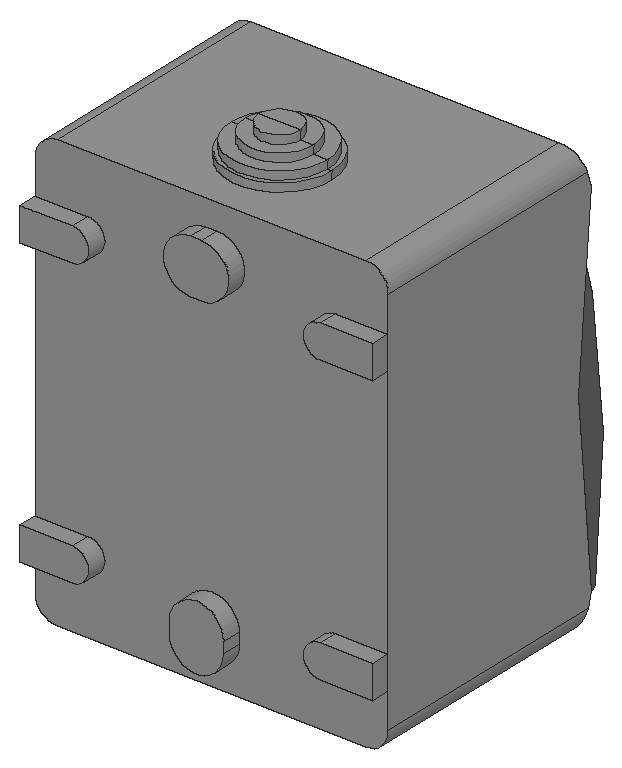
Revit family "IEK_Выключатель_ОУ_10А_1кл_Инд_IP54_FORS", category Выключатели, Revit 2019
Family settings
  Сохранять ориентацию аннотаций = Да
  Размер круглого соединителя = Использовать диаметр
  Тип детали = Переключатель
  На основе рабочей плоскости = Нет
  Всегда вертикально = Да
  При загрузке вырезать с полостями = Нет
  Общий = Нет
  Точка расчета площади = Нет
Parameters (values of type "ВС20-1-1-ФСр_Инд_Серый")
  Ширина = 65 mm  # constant formula
  Тип монтажа = "Поверхность монтажа (открытая установка)"  # constant formula
  Степень защиты = "IP54"  # constant formula
  Описание = "Электроустановочные изделия серии FORS подходят для эксплуатации в различных сферах, включая промышленные объекты, склады и производственные помещения. Благодаря степени защиты IP54 они стабильно работают в условиях повышенной влажности и запыленности. В комплекте есть подробная инструкция и необходимые аксессуары для быстрого монтажа. Электроустановочные изделия FORS — выбор профессионалов!"
  Материал крышки = RAL 9004
  Изготовитель = "IEK"  # constant formula
  Диаметр_Короб [instance] = 16 mm
  Глубина = 55 mm  # constant formula
  Высота = 92 mm  # constant formula
  ΔХ [instance] = 2000 mm
  ΔY [instance] = 2000 mm
  URL = "https://www.iek.ru/"
  ADSK_Ток [instance] = 10 A  # constant formula
  ADSK_Примечание = ""
  ADSK_Полная мощность [instance] = ADSK_Номинальная мощность / ADSK_Коэффициент мощности  # 2200 VA
  ADSK_Позиция [instance] = ""
  ADSK_Номинальная мощность [instance] = ADSK_Ток * ADSK_Напряжение * sqrt(ADSK_Количество фаз числовое) * ADSK_Коэффициент мощности  # 2200 W
  ADSK_Напряжение = 220 V
  ADSK_Наименование краткое = "ВС20-1-1-ФСр"
  ADSK_Наименование = "Выключатель 1-клавишный проходной с индикацией для открытой установки 10А IP54 ВС20-1-1-ФСр серый IEK"
  ADSK_Материал обозначение = ""
  ADSK_Материал наименование = "Пластик"  # constant formula
  ADSK_Материал = Окраска - RAL 7035
  ADSK_Масса = 0.09
  ADSK_Марка = "FORS"  # constant formula
  ADSK_Коэффициент мощности [instance] = 1  # constant formula
  ADSK_Количество фаз числовое = 1
  ADSK_Количество фаз = 1
  ADSK_Код изделия = "EVS11-K03-10-54-DC"
  ADSK_Классификация нагрузок [instance] = Прочее
  ADSK_Завод-изготовитель = Изготовитель  # "IEK"
  ADSK_Единица измерения = "шт."  # constant formula
  ADSK_Группирование = "Электроустановочные изделия низковольтные"  # constant formula
  ADSK_Версия семейства = "01.10.25"  # constant formula
  ADSK_Версия Revit = "v2019"  # constant formula
  ADSK_URL страницы изделия = "https://qr.iek.group/EVS11-K03-10-54-DC"
Types (3, lengths in mm): name | Материал крышки | ADSK_Наименование краткое | ADSK_Наименование | ADSK_Материал | ADSK_Код изделия | ADSK_URL страницы изделия
  (no name) | RAL 9004 | "ВС20-1-1-ФСр" | "Выключатель 1-клавишный проходной с индикацией для открытой установки 10А IP54 ВС20-1-1-ФСр серый IEK" | Окраска - RAL 7035 | "EVS11-K03-10-54-DC" | "https://qr.iek.group/EVS11-K03-10-54-DC"
  ВС20-1-1-ФСр_Инд_Серый | RAL 9004 | "ВС20-1-1-ФСр" | "Выключатель 1-клавишный проходной с индикацией для открытой установки 10А IP54 ВС20-1-1-ФСр серый IEK" | Окраска - RAL 7035 | "EVS11-K03-10-54-DC" | "https://qr.iek.group/EVS11-K03-10-54-DC"
  ВС20-1-1-ФБ_Инд_Белый | Окраска - Белый | "ВС20-1-1-ФБ" | "Выключатель 1-клавишный проходной с индикацией для открытой установки 10А IP54 ВС20-1-1-ФБ белый IEK" | Окраска - Белый | "EVS11-K01-10-54-DC" | "https://qr.iek.group/EVS11-K01-10-54-DC"
Reference planes
  plane 1 "По центру (Вперед/Назад)": y = 0
  plane 2: z = 0
  plane 3 "По центру (Влево/Вправо)": x = 0
  plane 4 "Высота ножек": z = 280
  plane 5 "Высота": z = 2081.496
  plane 6: x = -2000
  plane 7: y = 2000
  plane 8: z = 46
Forms (mm)
  Extrusion 1, solid, detail levels coarse
    sketch origin (5.5, 24, 0) x (1, 0, 0) y (0, 1, 0)
      loop
        line (-38, -24) -> (27, -24) -> (27, 31) -> (-38, 31) -> (-38, -24)
    from 0 to 92
  Extrusion 2, solid, material "Окраска - RAL 7035" <- "ADSK_Материал", detail levels medium
    sketch origin (-5.5, 24, 0) x (1, 0, 0) y (0, 1, 0)
      loop
        line (-27, 31) -> (-27, -24) -> (38, -24) -> (38, 31) -> (-27, 31)
    from 0 to 92
  Extrusion 3, solid, material "Окраска - RAL 7035" <- "ADSK_Материал", detail levels fine
    sketch origin (0, 0, 45.5) x (1, 0, 0) y (0, 0, -1)
      loop
        line (-32, 35.5) -> (-32, -35.45)
        arc (-32, -35.45) -> (-30.814, -38.314) -> (-27.95, -39.5) r 4.05
        line (-27.95, -39.5) -> (28, -39.5)
        arc (28, -39.5) -> (30.828, -38.328) -> (32, -35.5) r 4
        line (32, -35.5) -> (32, 35.5)
        arc (32, 35.5) -> (30.828, 38.328) -> (28, 39.5) r 4
        line (28, 39.5) -> (-28, 39.5)
        arc (-28, 39.5) -> (-30.828, 38.328) -> (-32, 35.5) r 4
    from 3.5 to 50.392
  Extrusion 4, void
    sketch origin (0, 0, 32.4) x (1, 0, 0) y (0, 0, -1)
      loop
        line (-30.2, 22.4) -> (-30.2, -48.6)
        arc (-30.2, -48.6) -> (-29.556, -50.156) -> (-28, -50.8) r 2.2
        line (-28, -50.8) -> (28, -50.8)
        arc (28, -50.8) -> (29.556, -50.156) -> (30.2, -48.6) r 2.2
        line (30.2, -48.6) -> (30.2, 22.4)
        arc (30.2, 22.4) -> (29.556, 23.956) -> (28, 24.6) r 2.2
        line (28, 24.6) -> (-28, 24.6)
        arc (-28, 24.6) -> (-29.556, 23.956) -> (-30.2, 22.4) r 2.2
    from 39.3 to 50.392
  Extrusion 5, solid, material "Окраска - RAL 7035" <- "ADSK_Материал", detail levels fine
    sketch origin (0, 0, 45.5) x (1, 0, 0) y (0, 0, -1)
      loop
        line (-32, 23) -> (-22.5, 23)
        arc (-22.5, 23) -> (-19.5, 26) -> (-22.5, 29) r 3
        line (-22.5, 29) -> (-32, 29) -> (-32, 23)
      loop
        line (32, 23) -> (32, 29) -> (22.5, 29)
        arc (22.5, 29) -> (19.5, 26) -> (22.5, 23) r 3
        line (22.5, 23) -> (32, 23)
      loop
        line (-32, -23) -> (-32, -29) -> (-22.5, -29)
        arc (-22.5, -29) -> (-19.5, -26) -> (-22.5, -23) r 3
        line (-22.5, -23) -> (-32, -23)
      loop
        line (32, -23) -> (22.5, -23)
        arc (22.5, -23) -> (19.5, -26) -> (22.5, -29) r 3
        line (22.5, -29) -> (32, -29) -> (32, -23)
      loop
        arc (1, -34.9) -> (5.9, -30) -> (1, -25.1) r 4.9
        line (1, -25.1) -> (-1, -25.1)
        arc (-1, -25.1) -> (-5.9, -30) -> (-1, -34.9) r 4.9
        line (-1, -34.9) -> (1, -34.9)
      loop
        line (-4.9, 31) -> (-4.9, 29)
        arc (-4.9, 29) -> (0, 24.1) -> (4.9, 29) r 4.9
        line (4.9, 29) -> (4.9, 31)
        arc (4.9, 31) -> (0, 35.9) -> (-4.9, 31) r 4.9
    from 0 to 3.5
  Revolve 6, solid, material "Окраска - RAL 7035" <- "ADSK_Материал", detail levels fine
    sketch origin (0, 18.905, 4617.5) x (-1, 0, 0) y (0, 0, 1)
      loop
        line (0, -4526.5) -> (0, -4532.5) -> (9.541, -4532.5) -> (9.541, -4531) -> (8.75, -4531) -> (8.75, -4529.5) -> (6.25, -4529.5) -> (6.25, -4528) -> (3.75, -4528) -> (3.75, -4526.5) -> (0, -4526.5)
      loop
        line (0, -4617.5) -> (3.75, -4617.5) -> (3.75, -4616) -> (6.25, -4616) -> (6.25, -4614.5) -> (8.75, -4614.5) -> (8.75, -4613) -> (9.541, -4613) -> (9.541, -4611.5) -> (0, -4611.5) -> (0, -4617.5)
      axis (0, -4617.5) -> (0, -4526.5)
    angle from 0 to 360
  Extrusion 7, void
    sketch origin (0, 0, 45.5) x (0, 0, -1) y (0, 1, 0)
      loop
        line (39.5, 47.287) -> (39.5, 51.998) -> (-39.5, 51.998) -> (-39.5, 47.287) -> (-33.021, 49.493)
        arc (-33.021, 49.493) -> (0.067, 46.452) -> (33.15, 49.537) r 180.205
        arc (33.15, 49.537) -> (36.341, 48.456) -> (39.5, 47.287) r 121.61
    from -32 to 32
  Extrusion 8, solid, material "RAL 9004" <- "Материал крышки", detail levels fine
    sketch origin (0, 0, -54.575) x (0, 0, -1) y (0, 1, 0)
      loop
        line (-136.6, 39.3) -> (-63.59, 39.3) -> (-63.59, 46.629) -> (-64.398, 53.299)
        arc (-64.398, 53.299) -> (-64.651, 53.912) -> (-65.264, 54.166) r 0.867
        arc (-65.264, 54.166) -> (-101.053, 55.2) -> (-135.915, 47.044) r 138.769
        arc (-135.915, 47.044) -> (-136.396, 46.68) -> (-136.6, 46.112) r 1.059
        line (-136.6, 46.112) -> (-136.6, 39.3)
    from -29 to 29
  Extrusion 9, solid, material "Стекло красное", detail levels fine
    sketch origin (-0.148, 3.59, 24.352) x (1, 0, 0) y (0, 0.207912, -0.978148)
      loop
        arc (-4.861, -30.336) -> (-7.983, -33.459) -> (-4.861, -36.581) r 3.122
        line (-4.861, -36.581) -> (5.157, -36.581)
        arc (5.157, -36.581) -> (8.28, -33.459) -> (5.157, -30.336) r 3.122
        line (5.157, -30.336) -> (-4.861, -30.336)
    from 53.998 to 55.96
Cuts and joins
  Extrusion 4, Extrusion 7 cuts Extrusion 3
Lines and regions (mm)
  reference lines
    curve 1: line (0, 44.647, 0) -> (0, -55.353, 0)
    curve 2: line (-23.829, 0, 0) -> (76.171, 0, 0)
Dimensions and locks
  locked: plane 4 "Высота ножек" to plane 2 at 280
  plane 5 "Высота" to plane 4 "Высота ножек" = 1801.496 mm
  "ΔХ": plane 6 to curve 1
  "ΔY": plane 7 to curve 2
  aligned and locked: level to plane 2
  aligned and locked: curve 2 to nested 1
  aligned and locked: nested 1 to curve 1
Automatic sketch dimensions
  plane 1 "По центру (Вперед/Назад)" to Extrusion 1 sketch curve = 0 mm
  Extrusion 1 sketch curve to plane 3 "По центру (Влево/Вправо)" = 32.5 mm
  plane 3 "По центру (Влево/Вправо)" to Extrusion 1 sketch curve = 32.5 mm
  Extrusion 1 sketch curve to Extrusion 1 sketch curve = 55 mm
  plane 1 "По центру (Вперед/Назад)" to Extrusion 2 sketch curve = 0 mm
  Extrusion 2 sketch curve to plane 3 "По центру (Влево/Вправо)" = 32.5 mm
  plane 3 "По центру (Влево/Вправо)" to Extrusion 2 sketch curve = 32.5 mm
  Extrusion 2 sketch curve to Extrusion 2 sketch curve = 55 mm
  level to Extrusion 3 sketch curve = 10 mm  (x2)
  Extrusion 3 sketch curve to plane 3 "По центру (Влево/Вправо)" = 32 mm
  Extrusion 3 sketch curve to Extrusion 3 sketch curve = 4 mm
  Extrusion 3 sketch curve to Extrusion 3 sketch curve = 4.05 mm
  plane 3 "По центру (Влево/Вправо)" to Extrusion 3 sketch curve = 28 mm  (x2)
  Extrusion 3 sketch curve to plane 8 = 34.95 mm
  level to Extrusion 4 sketch curve = 10 mm  (x2)
  Extrusion 4 sketch curve to plane 3 "По центру (Влево/Вправо)" = 30.2 mm
  Extrusion 4 sketch curve to Extrusion 4 sketch curve = 2.2 mm  (x2)
  plane 3 "По центру (Влево/Вправо)" to Extrusion 4 sketch curve = 28 mm  (x2)
  Extrusion 4 sketch curve to plane 8 = 35 mm
  Extrusion 5 sketch curve to plane 3 "По центру (Влево/Вправо)" = 0 mm
  Extrusion 5 sketch curve to plane 3 "По центру (Влево/Вправо)" = 1 mm
  Extrusion 5 sketch curve to plane 3 "По центру (Влево/Вправо)" = 4.9 mm
  Extrusion 5 sketch curve to Extrusion 5 sketch curve = 21.5 mm  (x2)
  Extrusion 5 sketch curve to Extrusion 5 sketch curve = 17.6 mm  (x2)
  Extrusion 5 sketch curve to Extrusion 5 sketch curve = 9.5 mm  (x4)
  plane 3 "По центру (Влево/Вправо)" to Extrusion 5 sketch curve = 1 mm
  Extrusion 5 sketch curve to plane 8 = 34.4 mm
  Extrusion 5 sketch curve to Extrusion 5 sketch curve = 4.9 mm
  Extrusion 5 sketch curve to Extrusion 5 sketch curve = 1 mm
  Extrusion 5 sketch curve to plane 8 = 28.5 mm
  Extrusion 5 sketch curve to Extrusion 5 sketch curve = 3 mm  (x4)
  level to Extrusion 5 sketch curve = 22.5 mm  (x2)
  level to Extrusion 5 sketch curve = 16.5 mm
  Extrusion 5 sketch curve to Extrusion 5 sketch curve = 2 mm
  Revolve 6 sketch curve to plane 3 "По центру (Влево/Вправо)" = 0 mm  (x3)
  Revolve 6 sketch curve to level = 0 mm
  Revolve 6 sketch curve to plane 3 "По центру (Влево/Вправо)" = 3.75 mm  (x2)
  level to Revolve 6 sketch curve = 1.5 mm
  Revolve 6 sketch curve to Revolve 6 sketch curve = 2.5 mm  (x4)
  Revolve 6 sketch curve to Revolve 6 sketch curve = 0.791 mm  (x2)
  Revolve 6 sketch curve to Revolve 6 sketch curve = 1.5 mm  (x6)
  Revolve 6 sketch curve to Revolve 6 sketch curve = 4.5 mm
  Revolve 6 sketch curve to plane 8 = 39 mm
  Revolve 6 sketch curve to level = 1478.5 mm
  Revolve 6 sketch curve to plane 5 "Высота" = 511.996 mm
  Extrusion 7 sketch curve to plane 8 = 39 mm
  Extrusion 7 sketch curve to Extrusion 7 sketch curve = 6.479 mm
  Extrusion 7 sketch curve to plane 8 = 3.778 mm
  plane 8 to Extrusion 7 sketch curve = 0.446 mm
  level to Extrusion 7 sketch curve = 6 mm
  plane 1 "По центру (Вперед/Назад)" to Extrusion 7 sketch curve = 66.17 mm
  Extrusion 7 sketch curve to plane 1 "По центру (Вперед/Назад)" = 47.287 mm  (x2)
  Extrusion 7 sketch curve to Extrusion 7 sketch curve = 2.206 mm
  Extrusion 7 sketch curve to Extrusion 7 sketch curve = 4.711 mm
  Extrusion 7 sketch curve to Extrusion 7 sketch curve = 174.659 mm
  Extrusion 8 sketch curve to plane 8 = 36.025 mm
  Extrusion 8 sketch curve to Extrusion 8 sketch curve = 1.058 mm
  plane 8 to Extrusion 8 sketch curve = 13.441 mm
  level to Extrusion 8 sketch curve = 10.689 mm
  Extrusion 8 sketch curve to Extrusion 8 sketch curve = 0.867 mm
  Extrusion 8 sketch curve to Extrusion 8 sketch curve = 0.808 mm
  plane 1 "По центру (Вперед/Назад)" to Extrusion 8 sketch curve = 82.869 mm
  Extrusion 8 sketch curve to plane 1 "По центру (Вперед/Назад)" = 39.3 mm
  Extrusion 8 sketch curve to Extrusion 8 sketch curve = 6.752 mm
  Extrusion 8 sketch curve to Extrusion 8 sketch curve = 0.061 mm
  Extrusion 8 sketch curve to Extrusion 8 sketch curve = 7.329 mm
  Extrusion 8 sketch curve to Extrusion 8 sketch curve = 6.67 mm
  Extrusion 9 sketch curve to plane 3 "По центру (Влево/Вправо)" = 5.009 mm
  plane 3 "По центру (Влево/Вправо)" to Extrusion 9 sketch curve = 5.009 mm
  Extrusion 9 sketch curve to Extrusion 9 sketch curve = 3.122 mm
  curve 2 to plane 3 "По центру (Влево/Вправо)" = 23.829 mm
  plane 3 "По центру (Влево/Вправо)" to curve 2 = 76.171 mm
  plane 1 "По центру (Вперед/Назад)" to curve 1 = 55.353 mm
  curve 1 to plane 1 "По центру (Вперед/Назад)" = 44.647 mm
Nested families
  nested 1: "УГО Выключателя" at (0, 0, 0), type "1K-O", detail levels coarse+medium
    with IP44 yes
Connectors
  electrical at (0, 0, 46), driven by "ADSK_Количество фаз", driven by "ADSK_Классификация нагрузок", driven by "ADSK_Напряжение", driven by "ADSK_Полная мощность", driven by "ADSK_Коэффициент мощности"
    settings: on Extrusion 1, index 1, voltage 220 V, apparent load 0 VA, apparent load phase1 2200 VA, apparent load phase2 0 VA, apparent load phase3 0 VA, power factor 1, load classification "Прочее", number of poles 1, system type 30, power factor state 1, is connector primary yes, connector utility no, sub classification motor no, connector description ""
  cabletrayconduit at (0, 18.905, 91), diameter 16, driven by "Диаметр_Короб"
    settings: on Revolve 6, index 2, connector width 300 mm, connector height 300 mm, connector angle 0.00°, system type 32, placement type 0, profile type 0, connector reference index 3, is primary connector yes, connector utility param no, connector description "Соеденитель короба сверху"
  cabletrayconduit at (0, 18.905, 0), diameter 16, driven by "Диаметр_Короб"
    settings: on Revolve 6, index 3, connector width 300 mm, connector height 300 mm, connector angle 0.00°, system type 32, placement type 0, profile type 0, connector reference index 2, is primary connector no, connector utility param no, connector description "Соеденитель короба снизу"
Definition of nested family "УГО Выключателя"
  Parameters (values of type "3K-O")
    IP44 [instance] = no
    3K-C = no
    2K-C = no
    1K-C = no
    3K-O = yes
    2K-O = no
    1K-O = no
  Types (6, lengths in mm): name | 3K-C | 2K-C | 1K-C | 3K-O | 2K-O | 1K-O
    2K-O | no | no | no | no | yes | no
    3K-O | no | no | no | yes | no | no
    2K-C | no | yes | no | no | no | no
    1K-O | no | no | no | no | no | yes
    1K-C | no | no | yes | no | no | no
    3K-C | yes | no | no | no | no | no
  Reference planes
    plane 1: y = 0
    plane 2: x = 0
  Lines and regions (mm)
    Filled region 1, type "Цветовая область 1", visible <- "IP44", not visible
      outline origin (0, 0, 0) x (1, 0, 0) y (0, 1, 0)
        loop
          circle (0, 2.214) r 0.994
    Filled region 2, type "Цветовая область 1", visible <- "IP44", not visible
      outline origin (-1.562, 0, 0) x (1, 0, 0) y (0, 1, 0)
        loop
          circle (11.009, 9.276) r 0.994
    Filled region 3, type "Цветовая область 1", visible <- "IP44", not visible
      outline origin (-1.562, 0, 0) x (1, 0, 0) y (0, 1, 0)
        loop
          circle (23.521, 9.279) r 0.994
    Filled region 4, type "Цветовая область 1", visible <- "IP44", not visible
      outline origin (0, 0, 0) x (1, 0, 0) y (0, 1, 0)
        loop
          circle (28.604, 9.279) r 0.994
    Filled region 5, type "Цветовая область 1", visible <- "IP44", not visible
      outline origin (0, 0, 0) x (1, 0, 0) y (0, 1, 0)
        loop
          circle (32.789, 9.279) r 0.994
    Filled region 6, type "Цветовая область 1", visible <- "IP44"
      outline origin (0, 0, 0) x (1, 0, 0) y (0, 1, 0)
        loop
          circle (0.006, 0.994) r 0.994
    Filled region 7, type "Цветовая область 1", visible <- "IP44"
      outline origin (0, 0, 0) x (1, 0, 0) y (0, 1, 0)
        loop
          circle (0.006, 0.994) r 0.994
    Filled region 8, type "Цветовая область 1", visible <- "IP44"
      outline origin (-1.562, 0, 0) x (1, 0, 0) y (0, 1, 0)
        loop
          circle (1.569, 0.994) r 0.994
    Filled region 9, type "Цветовая область 1", visible <- "IP44"
      outline origin (0, 0, 0) x (1, 0, 0) y (0, 1, 0)
        loop
          circle (0.006, 0.994) r 0.994
    Filled region 10, type "Цветовая область 1", visible <- "IP44", not visible
      outline origin (0, 0, 0) x (1, 0, 0) y (0, 1, 0)
        loop
          circle (15.057, 15.33) r 0.994
    Filled region 11, type "Цветовая область 1", visible <- "IP44"
      outline origin (-1.562, 0, 0) x (1, 0, 0) y (0, 1, 0)
        loop
          circle (1.569, 0.994) r 0.994
    Filled region 12, type "Цветовая область 1", visible <- "IP44"
      outline origin (0, 0, 0) x (1, 0, 0) y (0, 1, 0)
        loop
          circle (0.006, 0.994) r 0.994
    detail lines, visible <- "3K-O", not visible
      curve 1: line (0.86, 2.711, 0) -> (3.031, 3.964, 0)
      curve 2: line (0.639, 2.975, 0) -> (2.25, 4.895, 0)
      curve 3: line (0.323, 3.154, 0) -> (1.139, 5.524, 0)
      curve 4: circle (0, 2.214, 0) r 0.994 normal (0, 0, 1)
      curve 5: line (3.031, 3.964, 0) -> (3.431, 3.272, 0)
      curve 6: line (2.25, 4.895, 0) -> (2.863, 4.381, 0)
      curve 7: line (1.139, 5.524, 0) -> (1.896, 5.263, 0)
    detail lines, visible <- "2K-O", not visible
      curve 8: line (10.196, 9.928, 0) -> (12.088, 11.572, 0)
      curve 9: line (9.928, 10.145, 0) -> (11.143, 12.337, 0)
      curve 10: circle (9.446, 9.276, 0) r 0.994 normal (0, 0, 1)
      curve 11: line (12.088, 11.572, 0) -> (12.613, 10.968, 0)
      curve 12: line (11.143, 12.337, 0) -> (11.843, 11.949, 0)
    detail lines, visible <- "1K-O", not visible
      curve 13: line (15.627, 16.144, 0) -> (17.201, 18.393, 0)
      curve 14: circle (15.057, 15.33, 0) r 0.994 normal (0, 0, 1)
      curve 15: line (17.201, 18.393, 0) -> (17.857, 17.934, 0)
    detail lines, visible <- "3K-C", not visible
      curve 16: line (22.819, 9.775, 0) -> (24.99, 11.029, 0)
      curve 17: line (22.597, 10.04, 0) -> (24.208, 11.96, 0)
      curve 18: line (22.282, 10.218, 0) -> (23.098, 12.588, 0)
      curve 19: circle (21.958, 9.279, 0) r 0.994 normal (0, 0, 1)
      curve 20: line (24.765, 11.418, 0) -> (25.215, 10.639, 0)
      curve 21: line (23.863, 12.249, 0) -> (24.553, 11.67, 0)
      curve 22: line (22.672, 12.734, 0) -> (23.523, 12.441, 0)
    detail lines, visible <- "2K-C", not visible
      curve 23: line (29.354, 9.93, 0) -> (31.246, 11.575, 0)
      curve 24: line (29.086, 10.148, 0) -> (30.301, 12.34, 0)
      curve 25: circle (28.604, 9.279, 0) r 0.994 normal (0, 0, 1)
      curve 26: line (30.951, 11.914, 0) -> (31.541, 11.235, 0)
      curve 27: line (29.908, 12.558, 0) -> (30.695, 12.122, 0)
    detail lines, visible <- "1K-C", not visible
      curve 28: line (33.359, 10.092, 0) -> (34.797, 12.146, 0)
      curve 29: circle (32.789, 9.279, 0) r 0.994 normal (0, 0, 1)
      curve 30: line (34.428, 12.404, 0) -> (35.165, 11.887, 0)
    detail lines
      curve 31: line (0.006, 0, 0) -> (0.006, 2.454, 0)
      curve 32: line (0.006, 0, 0) -> (2.217, 0, 0)
    detail lines, visible <- "1K-C"
      curve 33: line (0.576, 1.808, 0) -> (2.014, 3.861, 0)
      curve 34: circle (0.006, 0.994, 0) r 0.994 normal (0, 0, 1)
      curve 35: line (1.645, 4.119, 0) -> (2.383, 3.603, 0)
    detail lines, visible <- "2K-C"
      curve 36: line (0.756, 1.645, 0) -> (2.648, 3.29, 0)
      curve 37: line (0.488, 1.863, 0) -> (1.703, 4.055, 0)
      curve 38: circle (0.006, 0.994, 0) r 0.994 normal (0, 0, 1)
      curve 39: line (2.353, 3.629, 0) -> (2.943, 2.95, 0)
      curve 40: line (1.31, 4.273, 0) -> (2.097, 3.837, 0)
    detail lines, visible <- "3K-C"
      curve 41: line (0.867, 1.49, 0) -> (3.037, 2.744, 0)
      curve 42: line (0.645, 1.755, 0) -> (2.256, 3.675, 0)
      curve 43: line (0.33, 1.933, 0) -> (1.146, 4.303, 0)
      curve 44: circle (0.006, 0.994, 0) r 0.994 normal (0, 0, 1)
      curve 45: line (2.812, 3.133, 0) -> (3.262, 2.354, 0)
      curve 46: line (1.911, 3.964, 0) -> (2.601, 3.386, 0)
      curve 47: line (0.72, 4.449, 0) -> (1.571, 4.156, 0)
    detail lines, visible <- "1K-O"
      curve 48: line (0.576, 1.808, 0) -> (2.151, 4.056, 0)
      curve 49: circle (0.006, 0.994, 0) r 0.994 normal (0, 0, 1)
      curve 50: line (2.151, 4.056, 0) -> (2.806, 3.597, 0)
    detail lines, visible <- "2K-O"
      curve 51: line (0.756, 1.645, 0) -> (2.648, 3.29, 0)
      curve 52: line (0.488, 1.863, 0) -> (1.703, 4.055, 0)
      curve 53: circle (0.006, 0.994, 0) r 0.994 normal (0, 0, 1)
      curve 54: line (2.648, 3.29, 0) -> (3.173, 2.686, 0)
      curve 55: line (1.703, 4.055, 0) -> (2.403, 3.667, 0)
    detail lines, visible <- "3K-O"
      curve 56: line (0.867, 1.49, 0) -> (3.037, 2.744, 0)
      curve 57: line (0.645, 1.755, 0) -> (2.256, 3.675, 0)
      curve 58: line (0.33, 1.933, 0) -> (1.146, 4.303, 0)
      curve 59: circle (0.006, 0.994, 0) r 0.994 normal (0, 0, 1)
      curve 60: line (3.037, 2.744, 0) -> (3.437, 2.051, 0)
      curve 61: line (2.256, 3.675, 0) -> (2.869, 3.161, 0)
      curve 62: line (1.146, 4.303, 0) -> (1.902, 4.042, 0)
